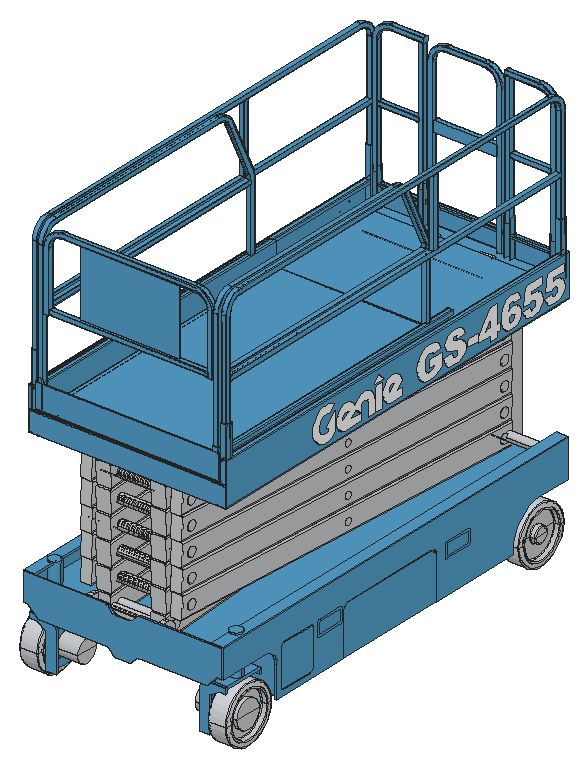
Revit family "Genie_Site_ScissorLift_GS4655a", category Site, Revit 2018
Family settings
  Round Connector Dimension = Use Diameter
  Part Type = Normal
  OmniClass Number = 23.50.85.17.11
  OmniClass Title = Electric and Battery Telescoping Platforms
  Work Plane-Based = No
  Always vertical = Yes
  Cut with Voids When Loaded = No
  Shared = No
Parameters (values of type "GS4655")
  _DistributedBy = "www.bimstore.co.uk"
  _CurrentRevision = 1
  _CreatedBy = "www.bimstore.co.uk"
  _BimSpecGuid = 0
  _BSBibleVersion = 15
  _AuthorizedBy = "bimstore"
  _Author = "RL"
  WorkingHeightClearanceZone [instance] = no
  WarrantyStartDate [instance] = "Please Record On Commissioning."
  WarrantyGuarantorParts = "http://www.genielift.co.uk/en/about-us/contact-and-feedback/index.htm"
  WarrantyGuarantorLabor = "http://www.genielift.co.uk/en/about-us/contact-and-feedback/index.htm"
  WarrantyDurationUnit = "Years"
  WarrantyDurationParts = "0"
  WarrantyDurationLabor = "0"
  WarrantyDescription = "n/a"
  URL = "http://www.genielift.co.uk/en/"
  TypeName = "Genie - Scissor Lift"
  Type Comments = "GS-4655"
  SpareParts = "n/a"
  Size = "1400mm x 2750mm x 3140mm"
  Shape = "n/a"
  SerialNumber [instance] = "Please Record On Commissioning."
  SecondaryMaterial = Steel, Paint Finish, Grey, Genie
  ScissorHeightCalc [instance] = if(ScissorHeight > ScissorHeightMax, ScissorHeightMax, if(ScissorHeight < ScissorHeighttMin, ScissorHeighttMin, ScissorHeight))  # 950 mm
  ScissorHeight [instance] = 950 mm
  ReplacementCost = "0"
  ReferencedStandard = "n/a"
  ProductionYear = "2019"
  PrimaryMaterial = Steel, Paint Finish, Blue, Genie
  PlatformExtensionMin [instance] = 0 mm  # constant formula
  PlatformExtensionMax [instance] = 1220 mm  # constant formula
  PlatformExtension [instance] = 0 mm
  NominalLength = 3140 mm
  NominalHeight = 2750 mm
  NominalDepth = 1400 mm
  NBSReference = "90-80-65/350"
  NBSOfficeMasterTag = "n/a"
  NBSObjectName = "Genie - Vertical lifting platforms"
  NBSNote = ""
  NBSDescription = "Vertical lifting platforms"
  ModelReference = "Genie - Scissor Lift"
  ModelNumber = "GS-4655"
  Model = "Genie - Scissor Lift"
  Material = "Painted Steel"
  ManufacturerName = "Genie"
  Manufacturer = "Genie"
  Keynote = "X"
  InstallationDate [instance] = "Please Record On Commissioning."
  IfcExportType = "IfcTransportElementType"
  IfcExportAs = "IfcTransportElement"
  Grade = "n/a"
  Finish = "Painted Steel"
  Features = "Fully sealed AC electric drive motors for efficient operation indoor and outdoor and maximum runtime per battery charge. 25% gradeability with 14° breakover angle to easily get up slopes and loading ramps. Full height drive up to 16.02 m (52 ft) max. working height indoors and 10.70 m (34 ft 6 in) outdoors. Large platform workspace with 1.22 m (4 ft) slide-out extension deck. Swing out components trays for easy access. User-friendly Smart Link™ control and diagnostic system."
  ExtensionBasketClearanceZone [instance] = no
  ExpectedLife = 0
  ScissorHeighttMin [instance] = 950 mm  # constant formula
  ScissorHeightMax [instance] = 13265 mm  # constant formula
  PlatformExtensionCalc [instance] = if(PlatformExtension > PlatformExtensionMax, PlatformExtensionMax, if(PlatformExtension < PlatformExtensionMin, PlatformExtensionMin, PlatformExtension))  # 0 mm
  ErrorMessage [instance] = "No Error"
  Error [instance] = no
  DurationUnit = "Years"
  DocumentationTechnical = "https://www.genielift.com/en-au/material-lift-products/slab-scissor-lifts/gs-4655"
  DocumentationMaintenance = "n/a"
  DocumentationLiterature = "https://www.genielift.com/en-au/material-lift-products/slab-scissor-lifts/gs-4655"
  DocumentationInstallationGuide = "n/a"
  DocumentationCertificates = "n/a"
  Description = "The Genie® GS™-4655 scissor is a robust, eco-friendly electric scissor lift engineered for high indoor and outdoor access in restricted spaces. It offers operators an excellent combination of working height and lifting capacity capabilities with powerful electric drive motors to maximize jobsite productivity."
  CreatedOn = "2019-11-12T09:00:00"
  CreatedBy = "http://www.genielift.co.uk/en/about-us/contact-and-feedback/index.htm"
  Cost = 0
  Constituents = "n/a"
  Color = "Grey & Blue"
  CodePerformance = "n/a"
  ClassificationValue = "Pr_65_80_47_95"
  ClassificationName = "Uniclass2015"
  C = 2640 mm  # constant formula
  BasketHeight = 1210 mm  # constant formula
  BaseHeight = 595 mm  # constant formula
  BarCode [instance] = "Please Record On Commissioning."
  BIMObjectName = "Genie_Site_ScissorLift_GS4655"
  B [instance] = ScissorHeightCalc / 6  # 158.333 mm
  AssetType = "Fixed"
  AssetIdentifier [instance] = "Please Record On Commissioning."
  Assembly Code = "E1030900"
  AccessibilityPerformance = "n/a"
  A [instance] = sqrt(C ^ 2 - B ^ 2)  # 2635.248 mm
Reference planes
  plane 1 "Center (Front/Back)": y = 0
  plane 2: z = 0
  plane 3 "Center (Left/Right)": x = 0
  plane 4: z = 2755
  plane 5: z = 1545
  plane 6: z = 595
  plane 7: y = 1220.248
  plane 8: y = -1415
  plane 9: z = 753.333
  plane 10: z = 911.667
  plane 11: z = 1070
  plane 12: z = 1228.333
  plane 13: z = 1386.667
  plane 14: y = 0
  plane 15: y = -1520
Forms (mm)
  Extrusion 1, solid, material "ClearanceZone", visible <- "ExtensionBasketClearanceZone"
    sketch origin (2163.498, -234.389, 0) x (1, 0, 0) y (0, 1, 0)
      loop
        line (-2862.998, -1180.611) -> (-2862.998, -1285.611) -> (-1463.998, -1285.611) -> (-1463.998, -1180.611) -> (-2862.998, -1180.611)
    from 0 to 1545
Lines and regions (mm)
  reference lines
    curve 1: line (0, 1220.248, 1545) -> (0, -1415, 1386.667)
    curve 2: line (0, 1220.248, 1386.667) -> (0, -1415, 1228.333)
    curve 3: line (0, 1220.248, 1228.333) -> (0, -1415, 1070)
    curve 4: line (0, 1220.248, 1070) -> (0, -1415, 911.667)
    curve 5: line (0, 1220.248, 911.667) -> (0, -1415, 753.333)
    curve 6: line (0, 1220.248, 753.333) -> (0, -1415, 595)
    curve 7: line (0, 1220.248, 753.333) -> (0, 1208.253, 952.973)
    curve 8: line (0, 1220.248, 911.667) -> (0, 1208.253, 1111.307)
    curve 9: line (0, 1220.248, 1070) -> (0, 1208.253, 1269.64)
    curve 10: line (0, 1220.248, 1228.333) -> (0, 1208.253, 1427.973)
    curve 11: line (0, 1220.248, 1386.667) -> (0, 1208.253, 1586.307)
    curve 12: line (0, 1220.248, 1545) -> (0, 1208.253, 1744.64)
    curve 13: line (0, 1220.248, 595) -> (0, -1415, 753.333)
    curve 14: line (0, 1220.248, 753.333) -> (0, -1415, 911.667)
    curve 15: line (0, 1220.248, 911.667) -> (0, -1415, 1070)
    curve 16: line (0, 1220.248, 1070) -> (0, -1415, 1228.333)
    curve 17: line (0, 1220.248, 1228.333) -> (0, -1415, 1386.667)
    curve 18: line (0, 1220.248, 1386.667) -> (0, -1415, 1545)
    curve 19: line (0, -1415, 753.333) -> (0, -1403.005, 952.973)
    curve 20: line (0, -1415, 911.667) -> (0, -1403.005, 1111.307)
    curve 21: line (0, -1415, 1070) -> (0, -1403.005, 1269.64)
    curve 22: line (0, -1415, 1228.333) -> (0, -1403.005, 1427.973)
    curve 23: line (0, -1415, 1386.667) -> (0, -1403.005, 1586.307)
    curve 24: line (0, -1415, 1545) -> (0, -1403.005, 1744.64)
Dimensions and locks
  "BasketHeight": plane 4 to plane 5
  "BaseHeight": plane 6 to plane 2
  "ScissorHeightCalc": plane 5 to plane 6
  "A": plane 7 to plane 8
  locked: plane 1 "Center (Front/Back)" to plane 8 at 1415
  equal spacing: plane 5, plane 13, plane 12, plane 11, plane 10, plane 9, plane 6
  "PlatformExtensionCalc": plane 1 "Center (Front/Back)" to plane 14
  locked: nested 16 to plane 5 at 250
  locked: plane 14 to plane 15 at 1520
  locked: curve 6 to curve 7 (angle 90.00°)
  locked: curve 5 to curve 8 (angle 90.00°)
  locked: curve 4 to curve 9 (angle 90.00°)
  locked: curve 3 to curve 10 (angle 90.00°)
  locked: curve 2 to curve 11 (angle 90.00°)
  locked: curve 1 to curve 12 (angle 90.00°)
  locked: curve 19 to curve 13 (angle 90.00°)
  locked: curve 20 to curve 14 (angle 90.00°)
  locked: curve 21 to curve 15 (angle 90.00°)
  locked: curve 22 to curve 16 (angle 90.00°)
  locked: curve 23 to curve 17 (angle 90.00°)
  locked: curve 24 to curve 18 (angle 90.00°)
  aligned and locked: level to plane 2
  aligned and locked: plane 7 to curve 5
  aligned and locked: plane 7 to curve 4
  aligned and locked: plane 7 to curve 3
  aligned and locked: plane 7 to curve 1
  aligned and locked: plane 8 to curve 6
  aligned and locked: plane 6 to curve 6
  aligned and locked: plane 9 to curve 6
  aligned and locked: plane 11 to curve 4
  aligned and locked: plane 12 to curve 3
  aligned and locked: plane 7 to curve 7
  aligned and locked: plane 7 to curve 18
  aligned and locked: plane 7 to curve 13
  aligned and locked: plane 8 to curve 17
  aligned and locked: plane 6 to curve 13
  aligned and locked: plane 9 to curve 13
  aligned and locked: plane 10 to curve 15
  aligned and locked: plane 12 to curve 16
  aligned and locked: plane 13 to curve 17
  aligned and locked: plane 13 to curve 18
  aligned and locked: plane 5 to curve 18
  aligned and locked: plane 8 to curve 19
  aligned and locked: plane 8 to curve 20
  aligned and locked: plane 8 to curve 21
  aligned and locked: plane 8 to curve 22
  aligned and locked: plane 8 to curve 24
  aligned and locked: plane 11 to curve 21
  aligned and locked: plane 10 to curve 20
  aligned and locked: nested 12 to curve 12
  aligned and locked: nested 11 to curve 11
  aligned and locked: nested 10 to curve 10
  aligned and locked: nested 9 to curve 9
  aligned and locked: nested 8 to curve 8
  aligned and locked: nested 2 to curve 7
  aligned and locked: nested 1 to curve 19
  aligned and locked: nested 3 to curve 20
  aligned and locked: nested 4 to curve 21
  aligned and locked: nested 5 to curve 22
  aligned and locked: nested 6 to curve 23
  aligned and locked: nested 7 to curve 24
  aligned and locked: plane 3 "Center (Left/Right)" to nested 7
  aligned and locked: plane 3 "Center (Left/Right)" to nested 12
  aligned and locked: plane 3 "Center (Left/Right)" to nested 6
  aligned and locked: plane 3 "Center (Left/Right)" to nested 11
  aligned and locked: plane 3 "Center (Left/Right)" to nested 5
  aligned and locked: plane 3 "Center (Left/Right)" to nested 10
  aligned and locked: plane 3 "Center (Left/Right)" to nested 4
  aligned and locked: plane 3 "Center (Left/Right)" to nested 9
  aligned and locked: plane 3 "Center (Left/Right)" to nested 3
  aligned and locked: plane 3 "Center (Left/Right)" to nested 8
  aligned and locked: plane 3 "Center (Left/Right)" to nested 1
  aligned and locked: plane 3 "Center (Left/Right)" to nested 2
  aligned and locked: plane 1 "Center (Front/Back)" to nested 13
  aligned and locked: plane 3 "Center (Left/Right)" to nested 13
  aligned and locked: plane 1 "Center (Front/Back)" to nested 14
  aligned and locked: plane 14 to nested 15
  aligned and locked: plane 3 "Center (Left/Right)" to nested 15
  aligned and locked: plane 3 "Center (Left/Right)" to nested 14
  aligned and locked: Extrusion 1 to level
  aligned and locked: level to Extrusion 1
  aligned and locked: plane 14 to nested 16
  aligned and locked: plane 3 "Center (Left/Right)" to nested 16
  aligned and locked: nested 13 to Extrusion 1 sketch curve
  aligned and locked: Extrusion 1 sketch curve to nested 13
  aligned and locked: Extrusion 1 to plane 8
  aligned and locked: plane 15 to Extrusion 1
  aligned and locked: plane 5 to Extrusion 1
Automatic sketch dimensions
  curve 12 to plane 5 = 0 mm
  plane 8 to Extrusion 1 sketch curve = 0 mm
  Extrusion 1 sketch curve to Extrusion 1 sketch curve = 105 mm
Nested families
  nested 1: "Arm" at (0, -97.376, 674.167) x (1, 0, 0) z (0, 0.06, 0.9982), type "Outter"
  nested 2: "Arm" at (0, -97.376, 674.167) x (1, 0, 0) z (0, -0.06, 0.9982), type "Inner"
  nested 3: "Arm" at (0, -97.376, 832.5) x (1, 0, 0) z (0, 0.06, 0.9982), type "Outter"
  nested 4: "Arm" at (0, -97.376, 990.833) x (1, 0, 0) z (0, 0.06, 0.9982), type "Outter"
  nested 5: "Arm" at (0, -97.376, 1149.167) x (1, 0, 0) z (0, 0.06, 0.9982), type "Outter"
  nested 6: "Arm" at (0, -97.376, 1307.5) x (1, 0, 0) z (0, 0.06, 0.9982), type "Outter"
  nested 7: "Arm" at (0, -97.376, 1465.833) x (1, 0, 0) z (0, 0.06, 0.9982), type "Outter"
  nested 8: "Arm" at (0, -97.376, 832.5) x (1, 0, 0) z (0, -0.06, 0.9982), type "Inner"
  nested 9: "Arm" at (0, -97.376, 990.833) x (1, 0, 0) z (0, -0.06, 0.9982), type "Inner"
  nested 10: "Arm" at (0, -97.376, 1149.167) x (1, 0, 0) z (0, -0.06, 0.9982), type "Inner"
  nested 11: "Arm" at (0, -97.376, 1307.5) x (1, 0, 0) z (0, -0.06, 0.9982), type "Inner"
  nested 12: "Arm" at (0, -97.376, 1465.833) x (1, 0, 0) z (0, -0.06, 0.9982), type "Inner"
  nested 13: "Base" at (0, 0, 0), type "Base"
  nested 14: "Basket" at (0, 0, 1545), type "Basket"
  nested 15: "BasketExtension" at (0, 0, 1545), type "BasketExtension"
  nested 16: "Error Mark" at (0, 0, 1795), visible <- "Error", type "Error Mark"
Definition of nested family "Arm"
  Parameters (values of type "Inner")
    Thickness = if(Inner, 100 mm, 75 mm)  # 100 mm
    OverallLength = 2780 mm  # constant formula
    Outter = not(Inner)  # no
    Offset = if(Inner, 135 mm, 265 mm)  # 135 mm
    Inner = yes
    Grey = none
    Default Elevation = 0 mm
  Types (3, lengths in mm): name | Thickness | Outter | Offset | Inner
    (no name) | 100 | no | 135 | yes
    Inner | 100 | no | 135 | yes
    Outter | 75 | yes | 265 | no
  Reference planes
    plane 1 "Center (Front/Back)": y = 0
    plane 2: z = 0
    plane 3 "Center (Left/Right)": x = 0
    plane 4: y = -1320
    plane 5: y = 1320
    plane 6: y = 1390
    plane 7: y = -1390
    plane 8: x = 235
    plane 9: x = 135
    plane 10: x = 245
    plane 11: x = -235
    plane 12: x = -135
    plane 13: x = -245
  Forms (mm)
    Extrusion 1, solid
      sketch origin (0, 0, 0) x (1, 0, 0) y (0, 1, 0)
        loop
          line (-1219.2, 1219.2) -> (-1219.2, -1219.2) -> (1219.2, -1219.2) -> (1219.2, 1219.2) -> (-1219.2, 1219.2)
      from 0 to -304.8
    Sweep 2, solid, material <- "Grey"
      path origin (0, 0, 0) x (1, 0, 0) y (0, 1, 0)
        loop
          line (0, -1390) -> (0, 1390)
      profile origin (0, 0, 0) x (-1, 0, 0) y (0, 0, 1)
        loop
          line (235, -66.3) -> (235, 66.2)
          arc (235, 66.2) -> (232.071, 73.271) -> (225, 76.2) r 10
          line (225, 76.2) -> (145, 76.2)
          arc (145, 76.2) -> (137.929, 73.271) -> (135, 66.2) r 10
          line (135, 66.2) -> (135, -66.3)
          arc (135, -66.3) -> (137.929, -73.371) -> (145, -76.3) r 10
          line (145, -76.3) -> (225, -76.3)
          arc (225, -76.3) -> (232.071, -73.371) -> (235, -66.3) r 10
        loop
          line (-135, -66.3) -> (-135, 66.2)
          arc (-135, 66.2) -> (-137.929, 73.271) -> (-145, 76.2) r 10
          line (-145, 76.2) -> (-225, 76.2)
          arc (-225, 76.2) -> (-232.071, 73.271) -> (-235, 66.2) r 10
          line (-235, 66.2) -> (-235, -66.3)
          arc (-235, -66.3) -> (-232.071, -73.371) -> (-225, -76.3) r 10
          line (-225, -76.3) -> (-145, -76.3)
          arc (-145, -76.3) -> (-137.929, -73.371) -> (-135, -66.3) r 10
    Extrusion 3, solid, material <- "Grey"
      sketch origin (0, 0, 0) x (0, 1, 0) y (0, 0, 1)
        loop
          circle (1320, 0) r 30
        loop
          circle (-1320, 0) r 30
        loop
          circle (0, 0) r 20
      from -245 to 245
  Dimensions and locks
    locked: plane 5 to plane 6 at 70
    locked: plane 4 to plane 7 at 70
    "OverallLength": plane 6 to plane 7
    "Offset": plane 3 "Center (Left/Right)" to plane 9
    "Thickness": plane 9 to plane 8
    locked: plane 8 to plane 10 at 10
    "Offset": plane 3 "Center (Left/Right)" to plane 12
    "Thickness": plane 12 to plane 11
    locked: plane 11 to plane 13 at 10
    equal spacing: plane 7, plane 1 "Center (Front/Back)", plane 6
    aligned and locked: plane 2 to Extrusion 1
    aligned and locked: level to Extrusion 1
    aligned and locked: plane 6 to Sweep 2 sketch curve
    aligned and locked: plane 7 to Sweep 2 sketch curve
    aligned and locked: plane 3 "Center (Left/Right)" to Sweep 2 sketch curve
    aligned and locked: Sweep 2 sketch curve to plane 11
    aligned and locked: Sweep 2 sketch curve to plane 12
    aligned and locked: plane 9 to Sweep 2 sketch curve
    aligned and locked: plane 8 to Sweep 2 sketch curve
    aligned and locked: level to Extrusion 3 sketch curve  (x3)
    aligned and locked: plane 5 to Extrusion 3 sketch curve
    aligned and locked: plane 4 to Extrusion 3 sketch curve
    aligned and locked: plane 1 "Center (Front/Back)" to Extrusion 3 sketch curve
    aligned and locked: Extrusion 3 to plane 13
    aligned and locked: Extrusion 3 to plane 10
  Automatic sketch dimensions
    Extrusion 1 sketch curve to Extrusion 1 sketch curve = 2438.4 mm  (x2)
    Sweep 2 sketch curve to Sweep 2 sketch curve = 10 mm  (x8)
    Sweep 2 sketch curve to level = 76.3 mm  (x2)
    level to Sweep 2 sketch curve = 66.2 mm  (x2)
    radius of Extrusion 3 sketch curve = 30 mm  (x2)
    radius of Extrusion 3 sketch curve = 20 mm
Definition of nested family "Base"
  Parameters (values of type "Base")
    Tire = none
    Grey = none
    Blue = none
  Reference planes
    plane 1 "Center (Front/Back)": y = 0
    plane 2: z = 0
    plane 3 "Center (Left/Right)": x = 0
    plane 4: z = 595
    plane 5: y = 1095.45
    plane 6: y = -1368.039
    plane 7: z = 190
  Forms (mm)
    Extrusion 1, solid, material <- "Grey"
      sketch origin (0, 0, 0) x (0, 1, 0) y (0, 0, 1)
        loop
          arc (1559, 1247.697) -> (1555.575, 1260.326) -> (1546.239, 1269.496) r 25
          line (1546.239, 1269.496) -> (1450.189, 1323.424)
          arc (1450.189, 1323.424) -> (1425.32, 1323.2) -> (1412.95, 1301.624) r 25
          line (1412.95, 1301.624) -> (1412.95, 539.038)
          arc (1412.95, 539.038) -> (1405.628, 521.36) -> (1387.95, 514.038) r 25
          line (1387.95, 514.038) -> (1349.45, 514.038) -> (1349.45, 133.038) -> (1407.929, 133.038)
          arc (1407.929, 133.038) -> (1417.496, 134.941) -> (1425.606, 140.36) r 25
          line (1425.606, 140.36) -> (1551.678, 266.431)
          arc (1551.678, 266.431) -> (1557.097, 274.542) -> (1559, 284.109) r 25
          line (1559, 284.109) -> (1559, 1247.697)
      from -195 to -185
    Extrusion 2, solid, material <- "Grey"
      sketch origin (0, 0, 0) x (0, 1, 0) y (0, 0, 1)
        loop
          arc (1559, 1247.697) -> (1555.575, 1260.326) -> (1546.239, 1269.496) r 25
          line (1546.239, 1269.496) -> (1450.189, 1323.424)
          arc (1450.189, 1323.424) -> (1425.32, 1323.2) -> (1412.95, 1301.624) r 25
          line (1412.95, 1301.624) -> (1412.95, 539.038)
          arc (1412.95, 539.038) -> (1405.628, 521.36) -> (1387.95, 514.038) r 25
          line (1387.95, 514.038) -> (1349.45, 514.038) -> (1349.45, 133.038) -> (1407.929, 133.038)
          arc (1407.929, 133.038) -> (1417.496, 134.941) -> (1425.606, 140.36) r 25
          line (1425.606, 140.36) -> (1551.678, 266.431)
          arc (1551.678, 266.431) -> (1557.097, 274.542) -> (1559, 284.109) r 25
          line (1559, 284.109) -> (1559, 1247.697)
      from 195 to 185
    Extrusion 3, solid, material <- "Grey"
      sketch origin (0, 0, -571.5) x (0, 1, 0) y (0, 0, 1)
        loop
          line (1497.026, 1246.368) -> (1546.126, 1246.368)
          arc (1546.126, 1246.368) -> (1547.54, 1245.782) -> (1548.126, 1244.368) r 2
          line (1548.126, 1244.368) -> (1548.126, 1228.968)
          arc (1548.126, 1228.968) -> (1547.54, 1227.553) -> (1546.126, 1226.968) r 2
          line (1546.126, 1226.968) -> (1525.726, 1226.968) -> (1525.726, 1223.968) -> (1546.126, 1223.968)
          arc (1546.126, 1223.968) -> (1549.662, 1225.432) -> (1551.126, 1228.968) r 5
          line (1551.126, 1228.968) -> (1551.126, 1244.368)
          arc (1551.126, 1244.368) -> (1549.662, 1247.903) -> (1546.126, 1249.368) r 5
          line (1546.126, 1249.368) -> (1497.026, 1249.368) -> (1497.026, 1246.368)
        loop
          arc (1444.625, 1249.368) -> (1441.089, 1247.903) -> (1439.625, 1244.368) r 5
          line (1439.625, 1244.368) -> (1439.625, 1223.968) -> (1442.625, 1223.968) -> (1442.625, 1244.368)
          arc (1442.625, 1244.368) -> (1443.211, 1245.782) -> (1444.625, 1246.368) r 2
          line (1444.625, 1246.368) -> (1493.724, 1246.368) -> (1493.724, 1249.368) -> (1444.625, 1249.368)
        loop
          line (1497.026, 1532.118) -> (1546.126, 1532.118)
          arc (1546.126, 1532.118) -> (1547.54, 1531.532) -> (1548.126, 1530.118) r 2
          line (1548.126, 1530.118) -> (1548.126, 1514.718)
          arc (1548.126, 1514.718) -> (1547.54, 1513.303) -> (1546.126, 1512.718) r 2
          line (1546.126, 1512.718) -> (1525.726, 1512.718) -> (1525.726, 1509.718) -> (1546.126, 1509.718)
          arc (1546.126, 1509.718) -> (1549.662, 1511.182) -> (1551.126, 1514.718) r 5
          line (1551.126, 1514.718) -> (1551.126, 1530.118)
          arc (1551.126, 1530.118) -> (1549.662, 1533.653) -> (1546.126, 1535.118) r 5
          line (1546.126, 1535.118) -> (1497.026, 1535.118) -> (1497.026, 1532.118)
        loop
          arc (1444.625, 1535.118) -> (1441.089, 1533.653) -> (1439.625, 1530.118) r 5
          line (1439.625, 1530.118) -> (1439.625, 1509.718) -> (1442.625, 1509.718) -> (1442.625, 1530.118)
          arc (1442.625, 1530.118) -> (1443.211, 1531.532) -> (1444.625, 1532.118) r 2
          line (1444.625, 1532.118) -> (1493.724, 1532.118) -> (1493.724, 1535.118) -> (1444.625, 1535.118)
        loop
          line (1497.026, 1817.868) -> (1546.126, 1817.868)
          arc (1546.126, 1817.868) -> (1547.54, 1817.282) -> (1548.126, 1815.868) r 2
          line (1548.126, 1815.868) -> (1548.126, 1800.468)
          arc (1548.126, 1800.468) -> (1547.54, 1799.053) -> (1546.126, 1798.468) r 2
          line (1546.126, 1798.468) -> (1525.726, 1798.468) -> (1525.726, 1795.468) -> (1546.126, 1795.468)
          arc (1546.126, 1795.468) -> (1549.662, 1796.932) -> (1551.126, 1800.468) r 5
          line (1551.126, 1800.468) -> (1551.126, 1815.868)
          arc (1551.126, 1815.868) -> (1549.662, 1819.403) -> (1546.126, 1820.868) r 5
          line (1546.126, 1820.868) -> (1497.026, 1820.868) -> (1497.026, 1817.868)
        loop
          arc (1444.625, 1820.868) -> (1441.089, 1819.403) -> (1439.625, 1815.868) r 5
          line (1439.625, 1815.868) -> (1439.625, 1795.468) -> (1442.625, 1795.468) -> (1442.625, 1815.868)
          arc (1442.625, 1815.868) -> (1443.211, 1817.282) -> (1444.625, 1817.868) r 2
          line (1444.625, 1817.868) -> (1493.724, 1817.868) -> (1493.724, 1820.868) -> (1444.625, 1820.868)
        loop
          line (1497.026, 960.618) -> (1546.126, 960.618)
          arc (1546.126, 960.618) -> (1547.54, 960.032) -> (1548.126, 958.618) r 2
          line (1548.126, 958.618) -> (1548.126, 943.218)
          arc (1548.126, 943.218) -> (1547.54, 941.803) -> (1546.126, 941.218) r 2
          line (1546.126, 941.218) -> (1525.726, 941.218) -> (1525.726, 938.218) -> (1546.126, 938.218)
          arc (1546.126, 938.218) -> (1549.662, 939.682) -> (1551.126, 943.218) r 5
          line (1551.126, 943.218) -> (1551.126, 958.618)
          arc (1551.126, 958.618) -> (1549.662, 962.153) -> (1546.126, 963.618) r 5
          line (1546.126, 963.618) -> (1497.026, 963.618) -> (1497.026, 960.618)
      from -185 to 185
    Extrusion 4, solid, material <- "Blue"
      sketch origin (0, 0, 0) x (1, 0, 0) y (0, 0, 1)
        loop
          line (490.538, 399.738) -> (668.337, 417.518) -> (668.337, 526.738) -> (-668.338, 526.738) -> (-668.338, 417.518) -> (-490.538, 399.738) -> (490.538, 399.738)
      from -1340 to -1330
    Extrusion 5, solid, material <- "Blue"
      sketch origin (0, 0, 0) x (1, 0, 0) y (0, 0, 1)
        loop
          line (668.337, 660.088) -> (118.305, 660.088)
          arc (118.305, 660.088) -> (108.738, 658.184) -> (100.628, 652.765) r 25
          line (100.628, 652.765) -> (64.472, 616.61)
          arc (64.472, 616.61) -> (56.362, 611.191) -> (46.795, 609.288) r 25
          line (46.795, 609.288) -> (-46.795, 609.288)
          arc (-46.795, 609.288) -> (-56.362, 611.191) -> (-64.472, 616.61) r 25
          line (-64.472, 616.61) -> (-100.628, 652.765)
          arc (-100.628, 652.765) -> (-108.738, 658.184) -> (-118.305, 660.088) r 25
          line (-118.305, 660.088) -> (-668.338, 660.088) -> (-668.338, 471.81) -> (-636.588, 471.81) -> (-578.304, 413.527)
          arc (-578.304, 413.527) -> (-570.064, 408.021) -> (-560.344, 406.088) r 25.4
          line (-560.344, 406.088) -> (-111.955, 406.088)
          arc (-111.955, 406.088) -> (-102.388, 404.184) -> (-94.278, 398.765) r 25
          line (-94.278, 398.765) -> (-58.122, 362.61)
          arc (-58.122, 362.61) -> (-50.012, 357.191) -> (-40.445, 355.288) r 25
          line (-40.445, 355.288) -> (40.445, 355.288)
          arc (40.445, 355.288) -> (50.012, 357.191) -> (58.122, 362.61) r 25
          line (58.122, 362.61) -> (94.278, 398.765)
          arc (94.278, 398.765) -> (102.388, 404.184) -> (111.955, 406.088) r 25
          line (111.955, 406.088) -> (560.344, 406.088)
          arc (560.344, 406.088) -> (570.064, 408.021) -> (578.304, 413.527) r 25.4
          line (578.304, 413.527) -> (636.587, 471.81) -> (668.337, 471.81) -> (668.337, 660.088)
      from 1550 to 1560
    Extrusion 6, solid, material <- "Blue"
      sketch origin (0, 0, 0) x (0, 1, 0) y (0, 0, 1)
        loop
          arc (495.996, 384.815) -> (506.603, 389.208) -> (510.996, 399.815) r 15
          line (510.996, 399.815) -> (510.996, 471.415)
          arc (510.996, 471.415) -> (506.603, 482.022) -> (495.996, 486.415) r 15
          line (495.996, 486.415) -> (322.796, 486.415)
          arc (322.796, 486.415) -> (312.189, 482.022) -> (307.796, 471.415) r 15
          line (307.796, 471.415) -> (307.796, 399.815)
          arc (307.796, 399.815) -> (312.189, 389.208) -> (322.796, 384.815) r 15
          line (322.796, 384.815) -> (495.996, 384.815)
        loop
          arc (322.796, 476.415) -> (319.26, 474.951) -> (317.796, 471.415) r 5
          line (317.796, 471.415) -> (317.796, 399.815)
          arc (317.796, 399.815) -> (319.26, 396.279) -> (322.796, 394.815) r 5
          line (322.796, 394.815) -> (495.996, 394.815)
          arc (495.996, 394.815) -> (499.532, 396.279) -> (500.996, 399.815) r 5
          line (500.996, 399.815) -> (500.996, 471.415)
          arc (500.996, 471.415) -> (499.532, 474.951) -> (495.996, 476.415) r 5
          line (495.996, 476.415) -> (322.796, 476.415)
        loop
          arc (-578.741, 384.815) -> (-568.135, 389.208) -> (-563.741, 399.815) r 15
          line (-563.741, 399.815) -> (-563.741, 471.415)
          arc (-563.741, 471.415) -> (-568.135, 482.022) -> (-578.741, 486.415) r 15
          line (-578.741, 486.415) -> (-751.941, 486.415)
          arc (-751.941, 486.415) -> (-762.548, 482.022) -> (-766.941, 471.415) r 15
          line (-766.941, 471.415) -> (-766.941, 399.815)
          arc (-766.941, 399.815) -> (-762.548, 389.208) -> (-751.941, 384.815) r 15
          line (-751.941, 384.815) -> (-578.741, 384.815)
        loop
          arc (-751.941, 476.415) -> (-755.477, 474.951) -> (-756.941, 471.415) r 5
          line (-756.941, 471.415) -> (-756.941, 399.815)
          arc (-756.941, 399.815) -> (-755.477, 396.279) -> (-751.941, 394.815) r 5
          line (-751.941, 394.815) -> (-578.741, 394.815)
          arc (-578.741, 394.815) -> (-575.206, 396.279) -> (-573.741, 399.815) r 5
          line (-573.741, 399.815) -> (-573.741, 471.415)
          arc (-573.741, 471.415) -> (-575.206, 474.951) -> (-578.741, 476.415) r 5
          line (-578.741, 476.415) -> (-751.941, 476.415)
      from -680 to 680
    Extrusion 7, solid, material <- "Blue"
      sketch origin (0, 0, 0) x (0, 1, 0) y (0, 0, 1)
        loop
          line (1349.45, 654.85) -> (-1551.865, 654.85) -> (-1551.865, 471.81) -> (-1208, 471.81)
          arc (-1208, 471.81) -> (-1137.289, 442.521) -> (-1108, 371.81) r 100
          line (-1108, 371.81) -> (-1108, 157.803) -> (-548.946, 157.803) -> (-548.946, 438.638)
          arc (-548.946, 438.638) -> (-534.301, 473.993) -> (-498.946, 488.638) r 50
          line (-498.946, 488.638) -> (192.264, 488.638)
          arc (192.264, 488.638) -> (227.619, 473.993) -> (242.264, 438.638) r 50
          line (242.264, 438.638) -> (242.264, 157.803) -> (879.55, 157.803) -> (879.55, 182.881)
          arc (879.55, 182.881) -> (945.451, 341.98) -> (1104.55, 407.881) r 225
          line (1104.55, 407.881) -> (1349.45, 407.881) -> (1349.45, 654.85)
        loop
          line (-823.611, 484.828) -> (-1047.611, 484.828)
          arc (-1047.611, 484.828) -> (-1065.793, 474.701) -> (-1073.011, 455.182) r 30
          line (-1073.011, 455.182) -> (-1073.011, 220.188)
          arc (-1073.011, 220.188) -> (-1064.225, 198.974) -> (-1043.011, 190.188) r 30
          line (-1043.011, 190.188) -> (-823.611, 190.188)
          arc (-823.611, 190.188) -> (-802.398, 198.974) -> (-793.611, 220.188) r 30
          line (-793.611, 220.188) -> (-793.611, 454.828)
          arc (-793.611, 454.828) -> (-802.398, 476.041) -> (-823.611, 484.828) r 30
        loop
          line (232.264, 157.803) -> (232.264, 438.638)
          arc (232.264, 438.638) -> (220.548, 466.922) -> (192.264, 478.638) r 40
          line (192.264, 478.638) -> (-498.946, 478.638)
          arc (-498.946, 478.638) -> (-527.23, 466.922) -> (-538.946, 438.638) r 40
          line (-538.946, 438.638) -> (-538.946, 157.803) -> (232.264, 157.803)
        loop
          line (-803.611, 220.188) -> (-803.611, 454.828)
          arc (-803.611, 454.828) -> (-809.469, 468.97) -> (-823.611, 474.828) r 20
          line (-823.611, 474.828) -> (-1046.762, 474.828)
          arc (-1046.762, 474.828) -> (-1058.423, 467.93) -> (-1063.011, 455.182) r 20
          line (-1063.011, 455.182) -> (-1063.011, 220.188)
          arc (-1063.011, 220.188) -> (-1057.154, 206.045) -> (-1043.011, 200.188) r 20
          line (-1043.011, 200.188) -> (-823.611, 200.188)
          arc (-823.611, 200.188) -> (-809.469, 206.045) -> (-803.611, 220.188) r 20
      from -675 to -665
    Extrusion 8, solid, material <- "Blue"
      sketch origin (0, 0, 0) x (0, 1, 0) y (0, 0, 1)
        loop
          line (1349.45, 654.85) -> (-1551.865, 654.85) -> (-1551.865, 471.81) -> (-1208, 471.81)
          arc (-1208, 471.81) -> (-1137.289, 442.521) -> (-1108, 371.81) r 100
          line (-1108, 371.81) -> (-1108, 157.803) -> (-548.946, 157.803) -> (-548.946, 438.638)
          arc (-548.946, 438.638) -> (-534.301, 473.993) -> (-498.946, 488.638) r 50
          line (-498.946, 488.638) -> (192.264, 488.638)
          arc (192.264, 488.638) -> (227.619, 473.993) -> (242.264, 438.638) r 50
          line (242.264, 438.638) -> (242.264, 157.803) -> (879.55, 157.803) -> (879.55, 182.881)
          arc (879.55, 182.881) -> (945.451, 341.98) -> (1104.55, 407.881) r 225
          line (1104.55, 407.881) -> (1349.45, 407.881) -> (1349.45, 654.85)
        loop
          line (-823.611, 484.828) -> (-1047.611, 484.828)
          arc (-1047.611, 484.828) -> (-1065.793, 474.701) -> (-1073.011, 455.182) r 30
          line (-1073.011, 455.182) -> (-1073.011, 220.188)
          arc (-1073.011, 220.188) -> (-1064.225, 198.974) -> (-1043.011, 190.188) r 30
          line (-1043.011, 190.188) -> (-823.611, 190.188)
          arc (-823.611, 190.188) -> (-802.398, 198.974) -> (-793.611, 220.188) r 30
          line (-793.611, 220.188) -> (-793.611, 454.828)
          arc (-793.611, 454.828) -> (-802.398, 476.041) -> (-823.611, 484.828) r 30
        loop
          line (232.264, 157.803) -> (232.264, 438.638)
          arc (232.264, 438.638) -> (220.548, 466.922) -> (192.264, 478.638) r 40
          line (192.264, 478.638) -> (-498.946, 478.638)
          arc (-498.946, 478.638) -> (-527.23, 466.922) -> (-538.946, 438.638) r 40
          line (-538.946, 438.638) -> (-538.946, 157.803) -> (232.264, 157.803)
        loop
          line (-803.611, 220.188) -> (-803.611, 454.828)
          arc (-803.611, 454.828) -> (-809.469, 468.97) -> (-823.611, 474.828) r 20
          line (-823.611, 474.828) -> (-1046.762, 474.828)
          arc (-1046.762, 474.828) -> (-1058.423, 467.93) -> (-1063.011, 455.182) r 20
          line (-1063.011, 455.182) -> (-1063.011, 220.188)
          arc (-1063.011, 220.188) -> (-1057.154, 206.045) -> (-1043.011, 200.188) r 20
          line (-1043.011, 200.188) -> (-823.611, 200.188)
          arc (-823.611, 200.188) -> (-809.469, 206.045) -> (-803.611, 220.188) r 20
      from 675 to 665
    Extrusion 9, solid, material <- "Blue"
      sketch origin (0, 0, 0) x (1, 0, 0) y (0, 0, 1)
        loop
          line (-675, 659.85) -> (-675, 654.85) -> (-597, 654.85) -> (-597, 664.85) -> (-670, 664.85)
          arc (-670, 664.85) -> (-673.536, 663.386) -> (-675, 659.85) r 5
        loop
          arc (675, 659.85) -> (673.536, 663.386) -> (670, 664.85) r 5
          line (670, 664.85) -> (597, 664.85) -> (597, 654.85) -> (675, 654.85) -> (675, 659.85)
      from -1349.45 to 1551.865
    Extrusion 10, solid, material <- "Blue"
      sketch origin (0, 0, 0) x (1, 0, 0) y (0, 1, 0)
        loop
          line (-665, -1082.6) -> (-460.866, -1082.6) -> (-200.733, -563.805) -> (200.729, -563.805) -> (460.946, -1082.6) -> (665, -1082.6) -> (665, 307.796) -> (206.057, 307.796) -> (485.639, 831.925) -> (485.639, 1333.575) -> (-485.639, 1333.575) -> (-485.639, 831.925) -> (-206.058, 307.796) -> (-665, 307.796) -> (-665, -1082.6)
      from 160 to 525
    Extrusion 11, solid, material <- "Blue"
      sketch origin (0, 0, 0) x (1, 0, 0) y (0, 1, 0)
        loop
          line (665, 1349.45) -> (-665, 1349.45) -> (-665, -1550) -> (665, -1550) -> (665, 1349.45)
      from 535 to 525
    Revolve 12, solid, material <- "Grey"
      sketch origin (0, 2325.677, 190) x (0, 1, 0) y (-1, 0, 0)
        loop
          line (-1230.227, 475.639) -> (-1178.643, 475.639) -> (-1178.643, 485.639) -> (-1129.326, 485.639) -> (-1129.326, 497.639) -> (-1151.134, 497.639) -> (-1153.814, 507.639) -> (-1173.451, 507.639) -> (-1180.063, 524.863) -> (-1184.703, 562.654) -> (-1180.541, 569.862) -> (-1173.298, 569.862) -> (-1165.276, 635.199) -> (-1104.889, 635.199) -> (-1104.889, 648.199) -> (-1086.477, 648.199)
          arc (-1086.477, 648.199) -> (-1082.942, 646.734) -> (-1081.477, 643.199) r 5
          line (-1081.477, 643.199) -> (-1081.477, 570.5) -> (-1071.477, 570.5) -> (-1071.477, 699.5) -> (-1081.477, 699.5) -> (-1081.477, 665.199)
          arc (-1081.477, 665.199) -> (-1082.942, 661.663) -> (-1086.477, 660.199) r 5
          line (-1086.477, 660.199) -> (-1171.564, 660.199)
          arc (-1171.564, 660.199) -> (-1174.91, 661.483) -> (-1176.537, 664.676) r 5
          line (-1176.537, 664.676) -> (-1179.484, 692.721)
          arc (-1179.484, 692.721) -> (-1181.111, 695.914) -> (-1184.457, 697.199) r 5
          line (-1184.457, 697.199) -> (-1230.227, 697.199) -> (-1230.227, 475.639)
        loop
          line (-1230.227, -475.639) -> (-1230.227, -697.199) -> (-1184.457, -697.199)
          arc (-1184.457, -697.199) -> (-1181.111, -695.914) -> (-1179.484, -692.721) r 5
          line (-1179.484, -692.721) -> (-1176.537, -664.676)
          arc (-1176.537, -664.676) -> (-1174.91, -661.483) -> (-1171.564, -660.199) r 5
          line (-1171.564, -660.199) -> (-1086.477, -660.199)
          arc (-1086.477, -660.199) -> (-1082.942, -661.663) -> (-1081.477, -665.199) r 5
          line (-1081.477, -665.199) -> (-1081.477, -699.5) -> (-1071.477, -699.5) -> (-1071.477, -570.5) -> (-1081.477, -570.5) -> (-1081.477, -643.199)
          arc (-1081.477, -643.199) -> (-1082.942, -646.734) -> (-1086.477, -648.199) r 5
          line (-1086.477, -648.199) -> (-1104.889, -648.199) -> (-1104.889, -635.199) -> (-1165.276, -635.199) -> (-1173.298, -569.862) -> (-1180.541, -569.862) -> (-1184.703, -562.654) -> (-1180.063, -524.863) -> (-1173.451, -507.639) -> (-1153.814, -507.639) -> (-1151.134, -497.639) -> (-1129.326, -497.639) -> (-1129.326, -485.639) -> (-1178.643, -485.639) -> (-1178.643, -475.639) -> (-1230.227, -475.639)
        axis (-1230.227, -699.5) -> (-1230.227, 699.5)
      angle from 0 to 360
    Revolve 13, solid, material <- "Tire"
      sketch origin (0, 2325.677, 190) x (0, 1, 0) y (-1, 0, 0)
        loop
          line (-1071.477, 700.138) -> (-1071.477, 569.862) -> (-1044.532, 573.649)
          arc (-1044.532, 573.649) -> (-1041.454, 575.32) -> (-1040.227, 578.6) r 5
          line (-1040.227, 578.6) -> (-1040.227, 691.4)
          arc (-1040.227, 691.4) -> (-1041.454, 694.68) -> (-1044.532, 696.351) r 5
          line (-1044.532, 696.351) -> (-1071.477, 700.138)
        loop
          line (-1071.477, -700.138) -> (-1044.532, -696.351)
          arc (-1044.532, -696.351) -> (-1041.454, -694.68) -> (-1040.227, -691.4) r 5
          line (-1040.227, -691.4) -> (-1040.227, -578.6)
          arc (-1040.227, -578.6) -> (-1041.454, -575.32) -> (-1044.532, -573.649) r 5
          line (-1044.532, -573.649) -> (-1071.477, -569.862) -> (-1071.477, -700.138)
        axis (-1230.227, -700.138) -> (-1230.227, 700.138)
      angle from 0 to 360
    Revolve 14, solid, material <- "Tire"
      sketch origin (0, 2325.677, 190) x (0, 1, 0) y (-1, 0, 0)
        loop
          line (-3534.967, 700.138) -> (-3534.967, 569.862) -> (-3508.021, 573.649)
          arc (-3508.021, 573.649) -> (-3504.943, 575.32) -> (-3503.717, 578.6) r 5
          line (-3503.717, 578.6) -> (-3503.717, 691.4)
          arc (-3503.717, 691.4) -> (-3504.943, 694.68) -> (-3508.021, 696.351) r 5
          line (-3508.021, 696.351) -> (-3534.967, 700.138)
        loop
          line (-3534.967, -700.138) -> (-3508.021, -696.351)
          arc (-3508.021, -696.351) -> (-3504.943, -694.68) -> (-3503.717, -691.4) r 5
          line (-3503.717, -691.4) -> (-3503.717, -578.6)
          arc (-3503.717, -578.6) -> (-3504.943, -575.32) -> (-3508.021, -573.649) r 5
          line (-3508.021, -573.649) -> (-3534.967, -569.862) -> (-3534.967, -700.138)
        axis (-3693.717, -700.138) -> (-3693.717, 700.138)
      angle from 0 to 360
    Revolve 15, solid, material <- "Grey"
      sketch origin (0, 2325.677, 190) x (0, 1, 0) y (-1, 0, 0)
        loop
          line (-3693.717, 395.349) -> (-3619.803, 395.349) -> (-3619.803, 543.537) -> (-3608.577, 543.537) -> (-3608.577, 558.199) -> (-3589.217, 558.199) -> (-3589.217, 575.849) -> (-3608.577, 575.849) -> (-3608.577, 595.349) -> (-3593.577, 595.349) -> (-3593.577, 628.199) -> (-3573.581, 628.199) -> (-3573.581, 648.199) -> (-3549.967, 648.199)
          arc (-3549.967, 648.199) -> (-3546.431, 646.734) -> (-3544.967, 643.199) r 5
          line (-3544.967, 643.199) -> (-3544.967, 570.5) -> (-3534.967, 570.5) -> (-3534.967, 699.5) -> (-3544.967, 699.5) -> (-3544.967, 665.199)
          arc (-3544.967, 665.199) -> (-3546.431, 661.663) -> (-3549.967, 660.199) r 5
          line (-3549.967, 660.199) -> (-3602.507, 660.199) -> (-3602.507, 690.749) -> (-3693.717, 690.749) -> (-3693.717, 395.349)
        loop
          line (-3693.717, -395.349) -> (-3693.717, -690.749) -> (-3602.507, -690.749) -> (-3602.507, -660.199) -> (-3549.967, -660.199)
          arc (-3549.967, -660.199) -> (-3546.431, -661.663) -> (-3544.967, -665.199) r 5
          line (-3544.967, -665.199) -> (-3544.967, -699.5) -> (-3534.967, -699.5) -> (-3534.967, -570.5) -> (-3544.967, -570.5) -> (-3544.967, -643.199)
          arc (-3544.967, -643.199) -> (-3546.431, -646.734) -> (-3549.967, -648.199) r 5
          line (-3549.967, -648.199) -> (-3573.581, -648.199) -> (-3573.581, -628.199) -> (-3593.577, -628.199) -> (-3593.577, -595.349) -> (-3608.577, -595.349) -> (-3608.577, -575.849) -> (-3589.217, -575.849) -> (-3589.217, -558.199) -> (-3608.577, -558.199) -> (-3608.577, -543.537) -> (-3619.803, -543.537) -> (-3619.803, -395.349) -> (-3693.717, -395.349)
        axis (-3693.717, -699.5) -> (-3693.717, 699.5)
      angle from 0 to 360
    Extrusion 16, solid, material <- "Blue"
      sketch origin (0, 0, 0) x (1, 0, 0) y (0, 1, 0)
        loop
          circle (-610, -1368.039) r 40
        loop
          circle (610, -1368.039) r 40
      from 403.867 to 670.596
    Extrusion 17, solid, material <- "Blue"
      sketch origin (0, 0, 0) x (1, 0, 0) y (0, 0, 1)
        loop
          line (-508, 384.817) -> (-508, 403.867) -> (-660.4, 403.867) -> (-660.4, 384.817) -> (-508, 384.817)
        loop
          line (660.4, 384.817) -> (660.4, 403.867) -> (508, 403.867) -> (508, 384.817) -> (660.4, 384.817)
      from 1505 to 1230
    Extrusion 18, solid, material <- "Blue"
      sketch origin (0, 0, 0) x (1, 0, 0) y (0, 0, 1)
        loop
          line (-482.6, 80.017) -> (-482.6, 352.432) -> (-525.145, 394.977) -> (-660.4, 394.977) -> (-660.4, 359.725) -> (-615.668, 359.725) -> (-552.45, 319.019) -> (-552.45, 80.017) -> (-482.6, 80.017)
        loop
          line (482.6, 80.017) -> (552.45, 80.017) -> (552.45, 319.019) -> (615.668, 359.725) -> (660.4, 359.725) -> (660.4, 394.977) -> (525.145, 394.977) -> (482.6, 352.432) -> (482.6, 80.017)
      from 1505 to 1515
    Extrusion 19, solid, material <- "Blue"
      sketch origin (0, 0, 0) x (0, 1, 0) y (0, 0, 1)
        loop
          line (-1229.92, 279.761) -> (-1275.894, 384.817) -> (-1460.806, 384.817) -> (-1506.78, 279.761) -> (-1506.78, 80.017) -> (-1368.35, 51.766) -> (-1229.92, 80.017) -> (-1229.92, 279.761)
      from 542.5 to 552.45
    Extrusion 20, solid, material <- "Blue"
      sketch origin (0, 0, 0) x (1, 0, 0) y (0, 0, 1)
        loop
          line (-482.6, 80.017) -> (-482.6, 352.432) -> (-525.145, 394.977) -> (-660.4, 394.977) -> (-660.4, 359.725) -> (-615.668, 359.725) -> (-552.45, 319.019) -> (-552.45, 80.017) -> (-482.6, 80.017)
        loop
          line (482.6, 80.017) -> (552.45, 80.017) -> (552.45, 319.019) -> (615.668, 359.725) -> (660.4, 359.725) -> (660.4, 394.977) -> (525.145, 394.977) -> (482.6, 352.432) -> (482.6, 80.017)
      from 1220 to 1230
    Extrusion 21, solid, material <- "Blue"
      sketch origin (0, 0, 0) x (0, 1, 0) y (0, 0, 1)
        loop
          line (-1229.92, 279.761) -> (-1275.894, 384.817) -> (-1460.806, 384.817) -> (-1506.78, 279.761) -> (-1506.78, 80.017) -> (-1368.35, 51.766) -> (-1229.92, 80.017) -> (-1229.92, 279.761)
      from -542.5 to -552.5
    Extrusion 22, solid, material <- "Grey"
      sketch origin (0, 0, 0) x (0, 1, 0) y (0, 0, 1)
        loop
          line (1325.785, 658.5) -> (1198.785, 658.5) -> (1198.785, 531.5) -> (1325.785, 531.5) -> (1325.785, 658.5)
      from -655 to -595
    Extrusion 23, solid, material <- "Grey"
      sketch origin (0, 0, 0) x (0, 1, 0) y (0, 0, 1)
        loop
          circle (1262.285, 595) r 30
      from -595 to 595
    Extrusion 24, solid, material <- "Grey"
      sketch origin (0, 0, 0) x (0, 1, 0) y (0, 0, 1)
        loop
          line (-1539.489, 541.025) -> (-1539.489, 633.1) -> (-1549.014, 633.1) -> (-1549.014, 531.5) -> (-1441.064, 531.5) -> (-1441.064, 541.025) -> (-1539.489, 541.025)
      from -405 to 405
    Extrusion 25, solid, material <- "Grey"
      sketch origin (0, 0, 0) x (0, 1, 0) y (0, 0, 1)
        loop
          arc (-1444.239, 598.175) -> (-1460.978, 638.586) -> (-1501.389, 655.325) r 57.15
          line (-1501.389, 655.325) -> (-1539.489, 655.325) -> (-1539.489, 541.025) -> (-1444.239, 541.025) -> (-1444.239, 598.175)
      from 260 to 225
    Extrusion 26, solid, material <- "Grey"
      sketch origin (0, 0, 0) x (0, 1, 0) y (0, 0, 1)
        loop
          arc (-1444.239, 598.175) -> (-1460.978, 638.586) -> (-1501.389, 655.325) r 57.15
          line (-1501.389, 655.325) -> (-1539.489, 655.325) -> (-1539.489, 541.025) -> (-1444.239, 541.025) -> (-1444.239, 598.175)
      from -260 to -225
    Extrusion 27, solid, material <- "Grey"
      sketch origin (0, 0, 0) x (0, 1, 0) y (0, 0, 1)
        loop
          circle (-1475.776, 602.045) r 20
      from -225 to 225
    Extrusion 28, solid, material <- "Grey"
      sketch origin (0, 0, 0) x (0, 1, 0) y (0, 0, 1)
        loop
          line (1325.785, 658.5) -> (1198.785, 658.5) -> (1198.785, 531.5) -> (1325.785, 531.5) -> (1325.785, 658.5)
      from 655 to 595
  Cuts and joins
    joined: Extrusion 7, Extrusion 8, Extrusion 9
  Dimensions and locks
    aligned and locked: level to plane 2
Definition of nested family "Basket"
  Parameters (values of type "Basket")
    WorkingHeight = no
    Grey = none
    Default Elevation = 0 mm
    Blue = none
  Reference planes
    plane 1 "Center (Front/Back)": y = 0
    plane 2: z = 0
    plane 3 "Center (Left/Right)": x = 0
    plane 4: y = 266.342
    plane 5: y = 1327.342
  Forms (mm)
    Extrusion 1, solid
      sketch origin (0, 0, 0) x (1, 0, 0) y (0, 1, 0)
        loop
          line (-1219.2, 1219.2) -> (-1219.2, -1219.2) -> (1219.2, -1219.2) -> (1219.2, 1219.2) -> (-1219.2, 1219.2)
      from 0 to -304.8
    Sweep 2, solid, material <- "Blue"
      path origin (0, 0, 0) x (0, 1, 0) y (0, 0, 1)
        loop
          line (-1486.762, 347.838) -> (-1486.762, 1092.206)
          arc (-1486.762, 1092.206) -> (-1457.18, 1163.623) -> (-1385.762, 1193.206) r 101
          line (-1385.762, 1193.206) -> (1230.719, 1193.206)
          arc (1230.719, 1193.206) -> (1302.137, 1163.623) -> (1331.719, 1092.206) r 101
          line (1331.719, 1092.206) -> (1331.72, 347.838)
      profile origin (0, -77.521, 1193.206) x (0, 0, 1) y (1, 0, 0)
        loop
          line (-16, -624.238) -> (-16, -652.238)
          arc (-16, -652.238) -> (-15.414, -653.652) -> (-14, -654.238) r 2
          line (-14, -654.238) -> (14, -654.238)
          arc (14, -654.238) -> (15.414, -653.652) -> (16, -652.238) r 2
          line (16, -652.238) -> (16, -624.238)
          arc (16, -624.238) -> (15.414, -622.824) -> (14, -622.238) r 2
          line (14, -622.238) -> (-14, -622.238)
          arc (-14, -622.238) -> (-15.414, -622.824) -> (-16, -624.238) r 2
        loop
          arc (-16, 624.238) -> (-15.414, 622.824) -> (-14, 622.238) r 2
          line (-14, 622.238) -> (14, 622.238)
          arc (14, 622.238) -> (15.414, 622.824) -> (16, 624.238) r 2
          line (16, 624.238) -> (16, 652.238)
          arc (16, 652.238) -> (15.414, 653.652) -> (14, 654.238) r 2
          line (14, 654.238) -> (-14, 654.238)
          arc (-14, 654.238) -> (-15.414, 653.652) -> (-16, 652.238) r 2
          line (-16, 652.238) -> (-16, 624.238)
    Extrusion 3, solid, material <- "Blue"
      sketch origin (0, 0, 0) x (1, 0, 0) y (0, 0, 1)
        loop
          arc (-624.238, 688.131) -> (-622.824, 688.716) -> (-622.238, 690.131) r 2
          line (-622.238, 690.131) -> (-622.238, 718.131)
          arc (-622.238, 718.131) -> (-622.824, 719.545) -> (-624.238, 720.131) r 2
          line (-624.238, 720.131) -> (-652.238, 720.131)
          arc (-652.238, 720.131) -> (-653.652, 719.545) -> (-654.238, 718.131) r 2
          line (-654.238, 718.131) -> (-654.238, 690.131)
          arc (-654.238, 690.131) -> (-653.652, 688.716) -> (-652.238, 688.131) r 2
          line (-652.238, 688.131) -> (-624.238, 688.131)
        loop
          line (624.238, 688.131) -> (652.238, 688.131)
          arc (652.238, 688.131) -> (653.652, 688.716) -> (654.238, 690.131) r 2
          line (654.238, 690.131) -> (654.238, 718.131)
          arc (654.238, 718.131) -> (653.652, 719.545) -> (652.238, 720.131) r 2
          line (652.238, 720.131) -> (624.238, 720.131)
          arc (624.238, 720.131) -> (622.824, 719.545) -> (622.238, 718.131) r 2
          line (622.238, 718.131) -> (622.238, 690.131)
          arc (622.238, 690.131) -> (622.824, 688.716) -> (624.238, 688.131) r 2
      from -1315.719 to 1470.762
    Extrusion 4, solid, material <- "Blue"
      sketch origin (1.996, 0, 0) x (1, 0, 0) y (0, 1, 0)
        loop
          arc (-624.238, 240.009) -> (-622.824, 240.594) -> (-622.238, 242.009) r 2
          line (-622.238, 242.009) -> (-622.238, 270.009)
          arc (-622.238, 270.009) -> (-622.824, 271.423) -> (-624.238, 272.009) r 2
          line (-624.238, 272.009) -> (-652.238, 272.009)
          arc (-652.238, 272.009) -> (-653.652, 271.423) -> (-654.238, 270.009) r 2
          line (-654.238, 270.009) -> (-654.238, 242.009)
          arc (-654.238, 242.009) -> (-653.652, 240.594) -> (-652.238, 240.009) r 2
          line (-652.238, 240.009) -> (-624.238, 240.009)
        loop
          line (624.238, 240.009) -> (652.238, 240.009)
          arc (652.238, 240.009) -> (653.652, 240.594) -> (654.238, 242.009) r 2
          line (654.238, 242.009) -> (654.238, 270.009)
          arc (654.238, 270.009) -> (653.652, 271.423) -> (652.238, 272.009) r 2
          line (652.238, 272.009) -> (624.238, 272.009)
          arc (624.238, 272.009) -> (622.824, 271.423) -> (622.238, 270.009) r 2
          line (622.238, 270.009) -> (622.238, 242.009)
          arc (622.238, 242.009) -> (622.824, 240.594) -> (624.238, 240.009) r 2
      from 720.131 to 1177.206
    Sweep 5, solid, material <- "Blue"
      path origin (0, 0, 0) x (1, 0, 0) y (0, 0, 1)
        loop
          line (-228.291, 88.739) -> (-228.291, 1090.986)
          arc (-228.291, 1090.986) -> (-198.708, 1162.404) -> (-127.291, 1191.986) r 101
          line (-127.291, 1191.986) -> (136.31, 1191.986)
          arc (136.31, 1191.986) -> (207.728, 1162.404) -> (237.31, 1090.986) r 101
          line (237.31, 1090.986) -> (237.31, 88.739)
      profile origin (-228.291, 0, 589.863) x (-1, 0, 0) y (0, -1, 0)
        loop
          line (14, -1315.719) -> (-14, -1315.719)
          arc (-14, -1315.719) -> (-15.414, -1316.305) -> (-16, -1317.719) r 2
          line (-16, -1317.719) -> (-16, -1345.719)
          arc (-16, -1345.719) -> (-15.414, -1347.134) -> (-14, -1347.719) r 2
          line (-14, -1347.719) -> (14, -1347.719)
          arc (14, -1347.719) -> (15.414, -1347.134) -> (16, -1345.719) r 2
          line (16, -1345.719) -> (16, -1317.719)
          arc (16, -1317.719) -> (15.414, -1316.305) -> (14, -1315.719) r 2
    Sweep 6, solid, material <- "Blue"
      path origin (-373.13, 0, 0) x (1, 0, 0) y (0, 0, 1)
        loop
          line (-228.291, 288.825) -> (-228.291, 1090.986)
          arc (-228.291, 1090.986) -> (-198.708, 1162.404) -> (-127.291, 1191.986) r 101
          line (-127.291, 1191.986) -> (100.514, 1191.986)
      profile origin (-601.421, 0, 689.906) x (-1, 0, 0) y (0, -1, 0)
        loop
          line (14, -1315.719) -> (-14, -1315.719)
          arc (-14, -1315.719) -> (-15.414, -1316.305) -> (-16, -1317.719) r 2
          line (-16, -1317.719) -> (-16, -1345.719)
          arc (-16, -1345.719) -> (-15.414, -1347.134) -> (-14, -1347.719) r 2
          line (-14, -1347.719) -> (14, -1347.719)
          arc (14, -1347.719) -> (15.414, -1347.134) -> (16, -1345.719) r 2
          line (16, -1345.719) -> (16, -1317.719)
          arc (16, -1317.719) -> (15.414, -1316.305) -> (14, -1315.719) r 2
    Sweep 7, solid, material <- "Blue"
      path origin (373.13, 0, 0) x (-1, 0, 0) y (0, 0, 1)
        loop
          line (-228.291, 288.825) -> (-228.291, 1090.986)
          arc (-228.291, 1090.986) -> (-198.708, 1162.404) -> (-127.291, 1191.986) r 101
          line (-127.291, 1191.986) -> (100.514, 1191.986)
      profile origin (601.421, 0, 689.906) x (-1, 0, 0) y (0, -1, 0)
        loop
          arc (-14, -1315.719) -> (-15.414, -1316.305) -> (-16, -1317.719) r 2
          line (-16, -1317.719) -> (-16, -1345.719)
          arc (-16, -1345.719) -> (-15.414, -1347.134) -> (-14, -1347.719) r 2
          line (-14, -1347.719) -> (14, -1347.719)
          arc (14, -1347.719) -> (15.414, -1347.134) -> (16, -1345.719) r 2
          line (16, -1345.719) -> (16, -1317.719)
          arc (16, -1317.719) -> (15.414, -1316.305) -> (14, -1315.719) r 2
          line (14, -1315.719) -> (-14, -1315.719)
    Extrusion 8, solid, material <- "Blue"
      sketch origin (0, 0, 0) x (1, 0, 0) y (0, 1, 0)
        loop
          line (-305.541, 1315.719) -> (-277.541, 1315.719)
          arc (-277.541, 1315.719) -> (-276.126, 1316.305) -> (-275.541, 1317.719) r 2
          line (-275.541, 1317.719) -> (-275.541, 1345.719)
          arc (-275.541, 1345.719) -> (-276.126, 1347.134) -> (-277.541, 1347.719) r 2
          line (-277.541, 1347.719) -> (-305.541, 1347.719)
          arc (-305.541, 1347.719) -> (-306.955, 1347.134) -> (-307.541, 1345.719) r 2
          line (-307.541, 1345.719) -> (-307.541, 1317.719)
          arc (-307.541, 1317.719) -> (-306.955, 1316.305) -> (-305.541, 1315.719) r 2
        loop
          arc (305.541, 1315.719) -> (306.955, 1316.305) -> (307.541, 1317.719) r 2
          line (307.541, 1317.719) -> (307.541, 1345.719)
          arc (307.541, 1345.719) -> (306.955, 1347.134) -> (305.541, 1347.719) r 2
          line (305.541, 1347.719) -> (277.541, 1347.719)
          arc (277.541, 1347.719) -> (276.126, 1347.134) -> (275.541, 1345.719) r 2
          line (275.541, 1345.719) -> (275.541, 1317.719)
          arc (275.541, 1317.719) -> (276.126, 1316.305) -> (277.541, 1315.719) r 2
          line (277.541, 1315.719) -> (305.541, 1315.719)
      from 288.825 to 1175.986
    Extrusion 9, solid, material <- "Blue"
      sketch origin (77.521, 693.482, 0) x (0, -1, 0) y (0, 0, 1)
        loop
          arc (-624.238, 688.131) -> (-622.824, 688.716) -> (-622.238, 690.131) r 2
          line (-622.238, 690.131) -> (-622.238, 718.131)
          arc (-622.238, 718.131) -> (-622.824, 719.545) -> (-624.238, 720.131) r 2
          line (-624.238, 720.131) -> (-652.238, 720.131)
          arc (-652.238, 720.131) -> (-653.652, 719.545) -> (-654.238, 718.131) r 2
          line (-654.238, 718.131) -> (-654.238, 690.131)
          arc (-654.238, 690.131) -> (-653.652, 688.716) -> (-652.238, 688.131) r 2
          line (-652.238, 688.131) -> (-624.238, 688.131)
      from 385.062 to 662.942
    Extrusion 10, solid, material <- "Blue"
      sketch origin (-77.521, 693.482, 0) x (0, -1, 0) y (0, 0, -1)
        loop
          line (-624.238, -688.131) -> (-652.238, -688.131)
          arc (-652.238, -688.131) -> (-653.652, -688.716) -> (-654.238, -690.131) r 2
          line (-654.238, -690.131) -> (-654.238, -718.131)
          arc (-654.238, -718.131) -> (-653.652, -719.545) -> (-652.238, -720.131) r 2
          line (-652.238, -720.131) -> (-624.238, -720.131)
          arc (-624.238, -720.131) -> (-622.824, -719.545) -> (-622.238, -718.131) r 2
          line (-622.238, -718.131) -> (-622.238, -690.131)
          arc (-622.238, -690.131) -> (-622.824, -688.716) -> (-624.238, -688.131) r 2
      from 385.062 to 662.942
    Extrusion 11, solid, material <- "Blue"
      sketch origin (77.521, 693.482, 0) x (0, -1, 0) y (0, 0, 1)
        loop
          line (-624.268, 664.82) -> (-624.268, 736.82) -> (-655.288, 736.82)
          arc (-655.288, 736.82) -> (-656.702, 736.235) -> (-657.288, 734.82) r 2
          line (-657.288, 734.82) -> (-657.288, 666.82)
          arc (-657.288, 666.82) -> (-656.702, 665.406) -> (-655.288, 664.82) r 2
          line (-655.288, 664.82) -> (-624.268, 664.82)
      from -143.789 to 289.812
    Extrusion 12, solid, material <- "Grey"
      sketch origin (0, 0, 0) x (0, 1, 0) y (0, 0, 1)
        loop
          line (1289.922, 63.5) -> (1162.922, 63.5) -> (1162.922, -58.678) -> (1289.922, -58.678) -> (1289.922, 63.5)
      from 595 to 665
    Extrusion 13, solid, material <- "Grey"
      sketch origin (0, 0, 0) x (0, 1, 0) y (0, 0, 1)
        loop
          line (1289.922, 63.5) -> (1162.922, 63.5) -> (1162.922, -58.678) -> (1289.922, -58.678) -> (1289.922, 63.5)
      from -595 to -665
    Extrusion 14, solid, material <- "Grey"
      sketch origin (0, 0, 0) x (0, 1, 0) y (0, 0, 1)
        loop
          circle (1226.422, 0) r 30
      from -595 to 595
    Extrusion 15, solid, material <- "Grey"
      sketch origin (0, 0, 0) x (0, 1, 0) y (0, 0, 1)
        loop
          line (-1369.246, 63.877) -> (-1369.246, 73.402) -> (-1477.196, 73.402) -> (-1477.196, -53.598) -> (-1467.671, -53.598) -> (-1467.671, 63.877) -> (-1369.246, 63.877)
      from -420 to 420
    Extrusion 16, solid, material <- "Grey"
      sketch origin (0, 0, 0) x (0, 1, 0) y (0, 0, 1)
        loop
          line (-1467.671, 63.877) -> (-1467.671, -25.023) -> (-1410.521, -25.023)
          arc (-1410.521, -25.023) -> (-1388.071, -15.724) -> (-1378.771, 6.727) r 31.75
          line (-1378.771, 6.727) -> (-1378.771, 63.877) -> (-1467.671, 63.877)
      from 265 to 335
    Extrusion 17, solid, material <- "Grey"
      sketch origin (0, 0, 0) x (0, 1, 0) y (0, 0, 1)
        loop
          line (-1467.671, 63.877) -> (-1467.671, -25.023) -> (-1410.521, -25.023)
          arc (-1410.521, -25.023) -> (-1388.071, -15.724) -> (-1378.771, 6.727) r 31.75
          line (-1378.771, 6.727) -> (-1378.771, 63.877) -> (-1467.671, 63.877)
      from -265 to -335
    Extrusion 18, solid, material <- "Blue"
      sketch origin (0, 0, 0) x (1, 0, 0) y (0, 1, 0)
        loop
          line (-622.238, 1310.719) -> (-622.238, 1314.719) -> (-655.238, 1314.719) -> (-655.238, 1348.719) -> (-622.238, 1348.719) -> (-622.238, 1352.719) -> (-655.238, 1352.719)
          arc (-655.238, 1352.719) -> (-658.066, 1351.548) -> (-659.238, 1348.719) r 4
          line (-659.238, 1348.719) -> (-659.238, 1314.719)
          arc (-659.238, 1314.719) -> (-658.066, 1311.891) -> (-655.238, 1310.719) r 4
          line (-655.238, 1310.719) -> (-622.238, 1310.719)
        loop
          line (622.238, 1310.719) -> (655.238, 1310.719)
          arc (655.238, 1310.719) -> (658.066, 1311.891) -> (659.238, 1314.719) r 4
          line (659.238, 1314.719) -> (659.238, 1348.719)
          arc (659.238, 1348.719) -> (658.066, 1351.548) -> (655.238, 1352.719) r 4
          line (655.238, 1352.719) -> (622.238, 1352.719) -> (622.238, 1348.719) -> (655.238, 1348.719) -> (655.238, 1314.719) -> (622.238, 1314.719) -> (622.238, 1310.719)
        loop
          line (-622.238, -1507.762) -> (-622.238, -1503.762) -> (-655.238, -1503.762) -> (-655.238, -1469.762) -> (-622.238, -1469.762) -> (-622.238, -1465.762) -> (-655.238, -1465.762)
          arc (-655.238, -1465.762) -> (-658.066, -1466.934) -> (-659.238, -1469.762) r 4
          line (-659.238, -1469.762) -> (-659.238, -1503.762)
          arc (-659.238, -1503.762) -> (-658.066, -1506.591) -> (-655.238, -1507.762) r 4
          line (-655.238, -1507.762) -> (-622.238, -1507.762)
        loop
          line (622.238, -1507.762) -> (655.238, -1507.762)
          arc (655.238, -1507.762) -> (658.066, -1506.591) -> (659.238, -1503.762) r 4
          line (659.238, -1503.762) -> (659.238, -1469.762)
          arc (659.238, -1469.762) -> (658.066, -1466.934) -> (655.238, -1465.762) r 4
          line (655.238, -1465.762) -> (622.238, -1465.762) -> (622.238, -1469.762) -> (655.238, -1469.762) -> (655.238, -1503.762) -> (622.238, -1503.762) -> (622.238, -1507.762)
      from 75 to 440
